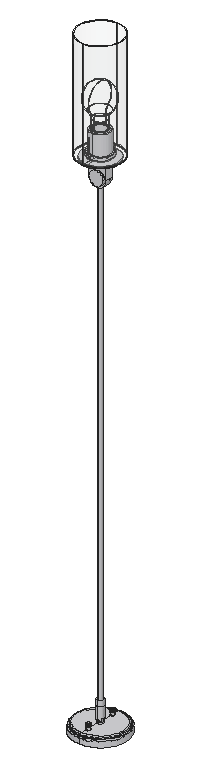
Revit family "Light_Fixture-Pendant-KOHLER-Crue-K-35876_1", category Lighting Fixtures, host Face, Revit 2021 (continued)
Definition of nested family "K-35876_Tube"
  Lines and regions (in)
    symbolic lines, detail levels medium+fine
      curve 274: arc (0, -1.23668, 1.2239) -> (0, -1.23808, 1.2399) -> (0, -1.24224, 1.25541) r 0.09212
      curve 275: arc (0, -1.24224, 1.25541) -> (0, -1.22509, 1.24363) -> (0, -1.21848, 1.2239) r 0.03277
      curve 276: arc (0, -1.21553, 1.2239) -> (0, -1.2176, 1.2396) -> (0, -1.22366, 1.25422) r 0.06064
      curve 277: arc (0, -1.20053, 1.2239) -> (0, -1.20697, 1.24297) -> (0, -1.22366, 1.25422) r 0.03144
      curve 278: arc (0, -1.20053, 1.2239) -> (0, -1.20276, 1.24083) -> (0, -1.20929, 1.2566) r 0.0654
      curve 279: arc (0, -1.18873, 1.22098) -> (0, -1.19297, 1.24228) -> (0, -1.20929, 1.2566) r 0.03379
      curve 280: arc (0, -1.36246, 1.1267) -> (0, -1.36658, 1.1102) -> (0, -1.37795, 1.09756) r 0.03514
      curve 281: arc (0, -1.35841, 1.1267) -> (0, -1.35524, 1.1104) -> (0, -1.3462, 1.09647) r 0.04351
      curve 282: arc (0, -1.32939, 1.1267) -> (0, -1.33388, 1.1094) -> (0, -1.3462, 1.09647) r 0.03558
      curve 283: arc (0, -1.32423, 1.1267) -> (0, -1.32207, 1.11029) -> (0, -1.31574, 1.095) r 0.06339
      curve 284: arc (0, -1.29619, 1.1267) -> (0, -1.30147, 1.10808) -> (0, -1.31574, 1.095) r 0.03547
      curve 285: arc (0, -1.293, 1.1267) -> (0, -1.29158, 1.11051) -> (0, -1.28738, 1.09483) r 0.09318
      curve 286: arc (0, -1.26693, 1.1267) -> (0, -1.27248, 1.10776) -> (0, -1.28738, 1.09483) r 0.03506
      curve 287: arc (0, -1.24135, 1.1267) -> (0, -1.24713, 1.10891) -> (0, -1.26226, 1.09792) r 0.03025
      curve 288: arc (0, -1.23668, 1.1267) -> (0, -1.23808, 1.1107) -> (0, -1.24224, 1.09519) r 0.09212
      curve 289: arc (0, -1.24224, 1.09519) -> (0, -1.22509, 1.10697) -> (0, -1.21848, 1.1267) r 0.03277
      curve 290: arc (0, -1.21553, 1.1267) -> (0, -1.2176, 1.111) -> (0, -1.22366, 1.09637) r 0.06064
      curve 291: arc (0, -1.20053, 1.1267) -> (0, -1.20697, 1.10763) -> (0, -1.22366, 1.09637) r 0.03144
      curve 292: arc (0, -1.20053, 1.1267) -> (0, -1.20276, 1.10977) -> (0, -1.20929, 1.09399) r 0.0654
      curve 293: arc (0, -1.18873, 1.12962) -> (0, -1.19297, 1.10831) -> (0, -1.20929, 1.09399) r 0.03379
      curve 294: line (0, 0.18701, 0.93946) -> (0, -0.1866, 0.93946)
  Dimensions and locks (in)
    plane 6 to plane 5 = 4.72441"
    plane 7 to plane 8 = 4.72441"
    plane 9 to level = 0.7874"  (x2)
    plane 10 to level = 2.67717"  (x2)
    "Tube Height": plane 12 to level
    aligned and locked: level to plane 2
    aligned and locked: plane 12 to Revolve 5 sketch curve
    aligned and locked: Masking region 1 sketch curve to Masking region 1 sketch curve
    aligned and locked: Revolve 5 to Masking region 1 sketch curve
  Automatic sketch dimensions
    curve 115 to plane 6 = 0"
    curve 119 to plane 9 = 0"
    curve 238 to plane 17 = 0"
    curve 266 to plane 17 = 0"
    curve 118 to plane 9 = 0"
    curve 123 to plane 10 = 0"
    curve 117 to plane 9 = 0"
    curve 154 to plane 16 = 0"
    curve 140 to plane 16 = 0"
    curve 115 to plane 5 = 0"
    curve 223 to plane 17 = 0.18922"
    curve 237 to curve 229 = 0.01109"
    curve 223 to curve 243 = 0.01109"
    curve 243 to curve 222 = 0.00072"
    curve 222 to curve 221 = 0.015"
    curve 221 to curve 220 = 0.00295"
    curve 220 to curve 237 = 0.00374"
    curve 220 to curve 251 = 0.00374"
    curve 251 to curve 249 = 0.00975"
    curve 237 to curve 235 = 0.00975"
    curve 249 to curve 219 = 0.00471"
    curve 219 to curve 218 = 0.00467"
    curve 218 to curve 247 = 0.0099"
    curve 218 to curve 233 = 0.0099"
    curve 247 to curve 241 = 0.00958"
    curve 233 to curve 227 = 0.00958"
    curve 227 to curve 217 = 0.00142"
    curve 241 to curve 250 = 0.0051"
    curve 227 to curve 236 = 0.0051"
    curve 250 to curve 216 = 0.00099"
    curve 216 to curve 245 = 0.00468"
    curve 216 to curve 231 = 0.00468"
    curve 231 to curve 234 = 0.00457"
    curve 245 to curve 248 = 0.00457"
    curve 248 to curve 215 = 0.01682"
    curve 215 to curve 214 = 0.0032"
    curve 214 to curve 244 = 0.0058"
    curve 214 to curve 230 = 0.0058"
    curve 244 to curve 239 = 0.01291"
    curve 230 to curve 225 = 0.01291"
    curve 239 to curve 213 = 0.00933"
    curve 213 to curve 246 = 0.00457"
    curve 213 to curve 232 = 0.00457"
    curve 246 to curve 212 = 0.00059"
    curve 212 to curve 242 = 0.00228"
    curve 226 to curve 228 = 0.00228"
    curve 280 to plane 17 = 0.01965"
    curve 266 to plane 17 = 0.01965"
    curve 266 to curve 211 = 0.00011"
    curve 211 to curve 210 = 0.00405"
    curve 210 to curve 240 = 0.00251"
    curve 210 to curve 226 = 0.00251"
    plane 17 to curve 268 = 0.01298"
    plane 17 to curve 282 = 0.01298"
    curve 268 to curve 252 = 0.00251"
    curve 266 to curve 253 = 0.00405"
    curve 253 to curve 224 = 0.00011"
    curve 281 to curve 238 = 0.00011"
    curve 224 to curve 270 = 0.02664"
    curve 238 to curve 284 = 0.02664"
    curve 284 to curve 254 = 0.00228"
    curve 254 to curve 274 = 0.00059"
    curve 282 to curve 288 = 0.00059"
    curve 288 to curve 255 = 0.00457"
    curve 283 to curve 281 = 0.00933"
    curve 269 to curve 267 = 0.00933"
    curve 281 to curve 286 = 0.01291"
    curve 267 to curve 272 = 0.01291"
    curve 286 to curve 256 = 0.0058"
    curve 256 to curve 257 = 0.0032"
    curve 257 to curve 276 = 0.01682"
    curve 285 to curve 290 = 0.01682"
    curve 290 to curve 287 = 0.00457"
    curve 276 to curve 273 = 0.00457"
    curve 273 to curve 258 = 0.00468"
    curve 258 to curve 278 = 0.00099"
    curve 286 to curve 292 = 0.00099"
    curve 292 to curve 259 = 0.00368"
    curve 278 to curve 269 = 0.0051"
    curve 292 to curve 283 = 0.0051"
    curve 283 to curve 289 = 0.00958"
    curve 269 to curve 275 = 0.00958"
    curve 275 to curve 260 = 0.0099"
    curve 260 to curve 261 = 0.00467"
    curve 261 to curve 277 = 0.00471"
    curve 288 to curve 291 = 0.00471"
    curve 277 to curve 279 = 0.00975"
    curve 291 to curve 293 = 0.00975"
    curve 293 to curve 262 = 0.00374"
    curve 289 to curve 263 = 0.00295"
    curve 263 to curve 264 = 0.015"
    curve 264 to curve 271 = 0.00072"
    curve 292 to curve 285 = 0.00072"
    curve 285 to curve 265 = 0.01109"
    plane 16 to curve 181 = 0.18922"
    curve 209 to curve 201 = 0.01109"
    curve 181 to curve 187 = 0.01109"
    curve 187 to curve 180 = 0.00072"
    curve 180 to curve 179 = 0.015"
    curve 179 to curve 178 = 0.00295"
    curve 178 to curve 195 = 0.00374"
    curve 178 to curve 209 = 0.00374"
    curve 195 to curve 193 = 0.00975"
    curve 209 to curve 207 = 0.00975"
    curve 193 to curve 177 = 0.00471"
    curve 177 to curve 176 = 0.00467"
    curve 189 to curve 191 = 0.0099"
    curve 176 to curve 205 = 0.0099"
    curve 191 to curve 185 = 0.00958"
    curve 205 to curve 199 = 0.00958"
    curve 199 to curve 175 = 0.00142"
    curve 185 to curve 194 = 0.0051"
    curve 199 to curve 208 = 0.0051"
    curve 208 to curve 174 = 0.00099"
    curve 174 to curve 189 = 0.00468"
    curve 174 to curve 203 = 0.00468"
    curve 189 to curve 192 = 0.00457"
    curve 203 to curve 206 = 0.00457"
    curve 192 to curve 173 = 0.01682"
    curve 173 to curve 172 = 0.0032"
    curve 172 to curve 188 = 0.0058"
    curve 172 to curve 202 = 0.0058"
    curve 202 to curve 197 = 0.01291"
    curve 188 to curve 183 = 0.01291"
    curve 183 to curve 171 = 0.00933"
    curve 171 to curve 204 = 0.00457"
    curve 171 to curve 190 = 0.00457"
    curve 204 to curve 170 = 0.00059"
    curve 170 to curve 186 = 0.00228"
    curve 170 to curve 200 = 0.00228"
    plane 16 to curve 140 = 0.01965"
    plane 16 to curve 154 = 0.01965"
    curve 140 to curve 169 = 0.00011"
    curve 169 to curve 168 = 0.00405"
    curve 168 to curve 198 = 0.00251"
    curve 168 to curve 184 = 0.00251"
    curve 142 to plane 16 = 0.01298"
    curve 156 to plane 16 = 0.01298"
    curve 142 to curve 126 = 0.00251"
    curve 154 to curve 127 = 0.00405"
    curve 155 to curve 196 = 0.00011"
    curve 127 to curve 182 = 0.00011"
    curve 182 to curve 144 = 0.02664"
    curve 196 to curve 158 = 0.02664"
    curve 144 to curve 128 = 0.00228"
    curve 156 to curve 162 = 0.00059"
    curve 128 to curve 148 = 0.00059"
    curve 162 to curve 129 = 0.00457"
    curve 129 to curve 141 = 0.00933"
    curve 157 to curve 155 = 0.00933"
    curve 155 to curve 160 = 0.01291"
    curve 141 to curve 146 = 0.01291"
    curve 146 to curve 130 = 0.0058"
    curve 158 to curve 131 = 0.0032"
    curve 159 to curve 164 = 0.01682"
    curve 145 to curve 150 = 0.01682"
    curve 164 to curve 161 = 0.00457"
    curve 150 to curve 147 = 0.00457"
    curve 161 to curve 132 = 0.00468"
    curve 160 to curve 166 = 0.00099"
    curve 132 to curve 152 = 0.00099"
    curve 152 to curve 133 = 0.00368"
    curve 166 to curve 157 = 0.0051"
    curve 152 to curve 143 = 0.0051"
    curve 143 to curve 149 = 0.00958"
    curve 157 to curve 163 = 0.00958"
    curve 163 to curve 134 = 0.0099"
    curve 134 to curve 135 = 0.00467"
    curve 162 to curve 165 = 0.00471"
    curve 135 to curve 151 = 0.00471"
    curve 151 to curve 153 = 0.00975"
    curve 165 to curve 167 = 0.00975"
    curve 167 to curve 136 = 0.00374"
    curve 163 to curve 137 = 0.00295"
    curve 137 to curve 138 = 0.015"
    curve 165 to curve 159 = 0.00072"
    curve 138 to curve 145 = 0.00072"
    curve 145 to curve 139 = 0.01109"
    plane 9 to curve 175 = 0.31052"
    plane 9 to curve 217 = 0.31052"
    curve 259 to curve 245 = 0.02877"
    curve 133 to curve 203 = 0.02877"
    curve 209 to curve 203 = 0.00149"
    curve 293 to curve 287 = 0.00149"
    curve 167 to curve 161 = 0.00149"
    curve 251 to curve 245 = 0.00149"
    curve 255 to curve 287 = 0"
    curve 254 to curve 255 = 0"  (x2)
    curve 282 to curve 253 = 0"
    curve 282 to curve 252 = 0"
    curve 167 to curve 137 = 0.00149"
    curve 281 to curve 256 = 0"
    curve 136 to curve 137 = 0"
    curve 250 to curve 245 = 0"
    curve 284 to curve 257 = 0"
    curve 203 to curve 154 = 0"
    curve 287 to curve 258 = 0"
    curve 155 to curve 164 = 0"
    curve 156 to curve 126 = 0"
    curve 287 to curve 261 = 0"
    curve 157 to curve 163 = 0"
    curve 283 to curve 289 = 0"
    curve 158 to curve 128 = 0"
    curve 161 to curve 135 = 0"
    curve 164 to curve 159 = 0"
    curve 160 to curve 130 = 0"
    curve 289 to curve 263 = 0"
    curve 264 to curve 285 = 0"
    curve 160 to curve 166 = 0"
    curve 154 to curve 169 = 0"
    curve 197 to curve 171 = 0"
    curve 245 to curve 248 = 0"
    curve 172 to curve 197 = 0"
    curve 173 to curve 200 = 0"
    curve 174 to curve 203 = 0"
    curve 218 to curve 247 = 0"
    curve 246 to curve 280 = 0"
    curve 177 to curve 203 = 0"
    curve 209 to curve 178 = 0.00149"
    curve 179 to curve 205 = 0"
    curve 201 to curve 180 = 0"
    curve 248 to curve 244 = 0"
    curve 243 to curve 249 = 0"
    curve 246 to curve 242 = 0"
    curve 241 to curve 250 = 0"
    curve 210 to curve 240 = 0"
    curve 239 to curve 241 = 0"
    curve 168 to curve 198 = 0"
    curve 201 to curve 181 = 0.00292"
    curve 285 to curve 265 = 0.00292"
    curve 159 to curve 139 = 0.00292"
    curve 243 to curve 223 = 0.00292"
    curve 181 to curve 181 = 0.09136"
    curve 265 to curve 265 = 0.09136"
    curve 139 to curve 139 = 0.09136"
    curve 223 to curve 223 = 0.09136"
    curve 240 to curve 212 = 0.0972"
    curve 131 to curve 131 = 0.0972"
    curve 213 to curve 212 = 0"
    curve 214 to curve 227 = 0"
    curve 181 to curve 191 = 0.00292"
    curve 215 to curve 214 = 0"
    curve 145 to curve 132 = 0"
    curve 227 to curve 216 = 0"
    curve 132 to curve 134 = 0"
    curve 191 to curve 190 = 0"
    curve 218 to curve 227 = 0"
    curve 134 to curve 135 = 0"
    curve 219 to curve 218 = 0"
    curve 220 to curve 219 = 0"
    curve 191 to curve 189 = 0"
    curve 135 to curve 136 = 0"
    curve 221 to curve 233 = 0"
    curve 229 to curve 222 = 0"
    curve 189 to curve 192 = 0"
    curve 194 to curve 189 = 0"
    curve 226 to curve 224 = 0"
    curve 149 to curve 137 = 0"
    curve 225 to curve 227 = 0"
    curve 138 to curve 145 = 0"
    curve 190 to curve 140 = 0"
    curve 141 to curve 146 = 0"
    curve 142 to curve 126 = 0"
    curve 152 to curve 143 = 0"
    curve 144 to curve 142 = 0"
    curve 192 to curve 188 = 0"
    curve 187 to curve 180 = 0"
    curve 190 to curve 186 = 0"
    curve 185 to curve 194 = 0"
    curve 168 to curve 184 = 0"
    curve 183 to curve 185 = 0"
    curve 265 to curve 278 = 0.00292"
    curve 253 to curve 224 = 0"
    curve 254 to curve 267 = 0"
    curve 276 to curve 278 = 0"
    curve 267 to curve 256 = 0"
    curve 256 to curve 257 = 0"
    curve 258 to curve 278 = 0"
    curve 269 to curve 275 = 0"
    curve 260 to curve 277 = 0"
    curve 260 to curve 261 = 0"
    curve 149 to curve 153 = 0.00149"
    curve 178 to curve 195 = 0.00149"
    curve 220 to curve 237 = 0.00149"
    curve 275 to curve 279 = 0.00149"
    curve 114 to plane 6 = 0.05906"
    curve 116 to plane 9 = 0.05906"
    curve 116 to plane 15 = 0.19551"
    curve 119 to plane 17 = 0.15965"
    curve 119 to curve 122 = 0.00973"
    plane 17 to curve 119 = 0.13492"
    curve 119 to curve 122 = 0.01647"
    plane 1 "Light Source Axis (F/B)" to curve 125 = 0.25618"
    curve 124 to curve 125 = 0"
    plane 1 "Light Source Axis (F/B)" to curve 118 = 0.23622"
    curve 118 to curve 120 = 0.04921"
    curve 120 to curve 294 = 0.00041"
    plane 1 "Light Source Axis (F/B)" to curve 123 = 0.18403"
    curve 123 to plane 1 "Light Source Axis (F/B)" = 0.18403"
    curve 294 to plane 1 "Light Source Axis (F/B)" = 0.18701"
    plane 9 to curve 120 = 0.03937"
    curve 120 to curve 294 = 0"
    curve 120 to curve 118 = 0.04921"
    curve 124 to plane 1 "Light Source Axis (F/B)" = 0.24606"
    curve 124 to curve 125 = 0.01005"
    plane 16 to curve 117 = 0.18395"
    curve 117 to curve 121 = 0.03255"
    curve 117 to plane 16 = 0.13492"
    curve 117 to curve 121 = 0.01647"
    curve 116 to plane 14 = 0.19551"
    curve 114 to plane 5 = 0.05906"
    curve 114 to curve 116 = 0.1378"
    curve 115 to curve 114 = 0.05906"
    plane 9 to curve 122 = 0.02286"
    plane 9 to curve 121 = 0.02286"
    curve 120 to curve 294 = 0.11269"
    curve 125 to plane 10 = 0.47244"
    curve 125 to curve 124 = 0.03183"
    curve 15 to curve 68 = 0"  (x2)
    curve 2 to plane 7 = 0"
    curve 20 to plane 10 = 0"
    curve 4 to plane 9 = 0"
    curve 111 to plane 3 "Light Source Axis (L/R)" = 0"
    curve 90 to plane 3 "Light Source Axis (L/R)" = 0"
    plane 8 to curve 2 = 0"
    plane 9 to curve 8 = 0.13388"
    curve 8 to plane 3 "Light Source Axis (L/R)" = 0.4944"
    curve 7 to plane 3 "Light Source Axis (L/R)" = 0.19625"
    curve 26 to curve 23 = 0.0099"
    curve 10 to curve 10 = 0.01575"
    curve 23 to curve 40 = 0.01259"
    curve 40 to curve 24 = 0.00308"
    curve 24 to curve 11 = 0.00748"
    curve 24 to curve 26 = 0.00949"
    curve 11 to curve 25 = 0.00834"
    plane 9 to curve 113 = 0.01699"
    curve 113 to plane 3 "Light Source Axis (L/R)" = 0.15195"
    curve 30 to curve 41 = 0.00308"
    curve 41 to curve 27 = 0.00758"
    curve 41 to curve 31 = 0.00758"
    curve 27 to curve 42 = 0.00379"
    curve 9 to curve 9 = 0.01219"
    curve 42 to curve 35 = 0.00121"
    curve 35 to curve 33 = 0.00039"
    curve 37 to curve 29 = 0.00039"
    curve 29 to curve 47 = 0.00606"
    curve 47 to curve 32 = 0.01666"
    curve 56 to curve 28 = 0.01666"
    curve 28 to curve 46 = 0.00133"
    curve 32 to curve 38 = 0.00643"
    curve 28 to curve 36 = 0.00643"
    curve 38 to curve 50 = 0.00119"
    curve 49 to curve 56 = 0.0056"
    curve 61 to curve 60 = 0.0056"
    curve 60 to curve 63 = 0.0088"
    curve 56 to curve 44 = 0.0088"
    curve 63 to curve 48 = 0.00414"
    curve 63 to curve 51 = 0.0084"
    curve 45 to curve 37 = 0.00413"
    curve 62 to curve 39 = 0.00413"
    curve 39 to curve 61 = 0.00289"
    curve 37 to curve 49 = 0.00289"
    curve 61 to curve 34 = 0.00088"
    curve 49 to curve 30 = 0.00088"
    curve 30 to curve 45 = 0.01902"
    curve 61 to curve 62 = 0.0199"
    curve 48 to curve 59 = 0.03145"
    curve 45 to curve 52 = 0.00349"
    curve 44 to curve 58 = 0.00101"
    curve 52 to curve 64 = 0.00101"
    curve 64 to curve 53 = 0.00182"
    curve 65 to curve 111 = 0.01544"
    curve 57 to plane 3 "Light Source Axis (L/R)" = 0.02432"
    curve 57 to curve 90 = 0.0017"
    curve 111 to curve 54 = 0.01724"
    curve 54 to curve 55 = 0.00401"
    curve 66 to curve 65 = 0.0059"
    plane 3 "Light Source Axis (L/R)" to curve 110 = 0.00985"
    curve 110 to curve 102 = 0.0059"
    curve 102 to curve 101 = 0.00401"
    curve 101 to curve 112 = 0.00053"
    curve 112 to curve 43 = 0.00233"
    curve 101 to curve 66 = 0.01724"
    curve 66 to curve 100 = 0.01544"
    curve 110 to curve 109 = 0.00182"
    curve 100 to curve 104 = 0.00182"
    curve 109 to curve 99 = 0.00101"
    curve 108 to curve 107 = 0.00349"
    curve 99 to curve 92 = 0.00349"
    curve 107 to curve 81 = 0.01902"
    curve 92 to curve 77 = 0.01902"
    curve 81 to curve 106 = 0.00088"
    curve 77 to curve 96 = 0.00088"
    curve 106 to curve 86 = 0.00289"
    curve 96 to curve 84 = 0.00289"
    curve 84 to curve 98 = 0.00413"
    curve 92 to curve 95 = 0.00426"
    curve 98 to curve 91 = 0.0084"
    curve 107 to curve 108 = 0.0084"
    curve 108 to curve 105 = 0.0088"
    curve 91 to curve 103 = 0.0088"
    curve 103 to curve 97 = 0.0056"
    curve 106 to curve 85 = 0.00119"
    curve 96 to curve 83 = 0.00119"
    curve 95 to curve 93 = 0.02483"
    curve 97 to curve 75 = 0.00762"
    curve 106 to curve 79 = 0.00762"
    curve 75 to curve 94 = 0.01666"
    curve 94 to curve 76 = 0.00606"
    curve 105 to curve 80 = 0.00606"
    curve 76 to curve 82 = 0.00039"
    plane 9 to curve 14 = 0.01283"
    plane 3 "Light Source Axis (L/R)" to curve 14 = 0.13975"
    curve 82 to curve 89 = 0.00121"
    curve 89 to curve 74 = 0.00379"
    curve 86 to curve 78 = 0.00501"
    curve 78 to curve 88 = 0.00758"
    curve 14 to curve 113 = 0.01219"
    curve 83 to curve 72 = 0.00308"
    curve 72 to curve 73 = 0.00632"
    curve 72 to curve 69 = 0.00834"
    curve 69 to curve 16 = 0.00154"
    curve 16 to curve 71 = 0.00594"
    curve 80 to curve 87 = 0.00308"
    curve 87 to curve 15 = 0.00674"
    curve 6 to curve 68 = 0"
    curve 87 to curve 70 = 0.01259"
    curve 70 to curve 67 = 0.0099"
    plane 9 to curve 13 = 0.13388"
    curve 93 to curve 69 = 0.04082"
    curve 46 to curve 105 = 0.02741"
    curve 46 to curve 48 = 0.00144"
    curve 93 to curve 95 = 0.00144"
    curve 95 to curve 107 = 0.01617"
    curve 48 to curve 62 = 0.01617"
    curve 107 to curve 99 = 0.00361"
    curve 62 to curve 52 = 0.00361"
    curve 98 to curve 105 = 0.00581"
    curve 51 to curve 60 = 0.00581"
    curve 52 to curve 54 = 0.0004"
    curve 99 to curve 101 = 0.0004"
    curve 51 to curve 63 = 0.00011"
    curve 107 to curve 108 = 0.00011"
    curve 54 to curve 65 = 0.00579"
    curve 101 to curve 110 = 0.00579"
    curve 47 to curve 60 = 0"
    curve 98 to curve 106 = 0.00757"
    curve 62 to curve 61 = 0.00757"
    curve 65 to curve 111 = 0.0029"
    curve 60 to curve 40 = 0.00369"
    curve 60 to curve 41 = 0.00369"
    curve 105 to curve 80 = 0.00369"
    curve 106 to curve 81 = 0.00193"
    curve 79 to curve 106 = 0.00085"
    curve 23 to curve 32 = 0"
    curve 61 to curve 39 = 0.00193"
    curve 82 to curve 80 = 0"
    curve 13 to curve 70 = 0.00793"
    curve 88 to curve 72 = 0"
    curve 24 to curve 40 = 0"
    curve 25 to curve 38 = 0"
    curve 33 to curve 35 = 0"
    curve 86 to curve 78 = 0.00716"
    curve 61 to curve 38 = 0.00631"
    curve 39 to curve 31 = 0.00716"
    curve 106 to curve 85 = 0.00631"
    curve 24 to curve 11 = 0.00971"
    curve 11 to curve 27 = 0.08026"
    curve 36 to curve 27 = 0"
    curve 85 to curve 83 = 0.08281"
    curve 74 to curve 83 = 0"
    curve 74 to curve 73 = 0.00476"
    curve 27 to curve 26 = 0.00476"
    curve 36 to curve 90 = 0.00553"
    curve 43 to curve 90 = 0"
    curve 36 to curve 50 = 0.00634"
    curve 83 to curve 97 = 0.00634"
    curve 90 to curve 55 = 0.0014"
    curve 49 to curve 37 = 0.00082"
    curve 26 to curve 24 = 0.0024"
    curve 23 to curve 29 = 0"
    curve 26 to curve 25 = 0.0024"
    curve 73 to curve 87 = 0.0024"
    curve 73 to curve 88 = 0.0024"
    curve 50 to curve 28 = 0.00082"
    curve 70 to curve 87 = 0"
    curve 71 to curve 75 = 0"
    curve 96 to curve 84 = 0.00082"
    curve 72 to curve 83 = 0"
    curve 82 to curve 76 = 0"
    curve 41 to curve 30 = 0"
    curve 37 to curve 44 = 0.00073"
    curve 84 to curve 91 = 0.00073"
    curve 77 to curve 104 = 0.00081"
    curve 112 to curve 101 = 0"
    curve 90 to curve 54 = 0.00244"
    curve 49 to curve 56 = 0.00164"
    curve 97 to curve 103 = 0.00164"
    curve 90 to curve 57 = 0.00244"
    curve 84 to curve 98 = 0.00083"
    curve 37 to curve 51 = 0.00083"
    curve 58 to curve 52 = 0.0004"
    curve 104 to curve 99 = 0.0004"
    curve 77 to curve 96 = 0.00196"
    curve 30 to curve 49 = 0.00196"
    curve 99 to curve 92 = 0.00361"
    curve 52 to curve 45 = 0.00361"
    curve 89 to curve 15 = 0.01748"
    curve 45 to curve 59 = 0.01702"
    plane 7 to curve 1 = 0.05906"
    curve 3 to plane 9 = 0.05906"
    curve 1 to curve 3 = 0.13872"
    curve 22 to plane 3 "Light Source Axis (L/R)" = 0.24606"
    curve 21 to curve 22 = 0"  (x2)
    curve 20 to plane 3 "Light Source Axis (L/R)" = 0.23965"
    curve 4 to curve 9 = 0.08427"
    curve 5 to curve 8 = 0.03509"
    curve 5 to curve 18 = 0.00003"
    curve 10 to curve 26 = 0.00506"
    curve 8 to curve 5 = 0.00688"
    curve 18 to curve 18 = 0.05386"
    curve 59 to curve 57 = 0"
    plane 3 "Light Source Axis (L/R)" to curve 19 = 0.13315"
    curve 17 to curve 113 = 0.00688"
    curve 73 to curve 15 = 0.00506"
    curve 19 to curve 19 = 0.0539"
    curve 113 to curve 17 = 0.03509"
    curve 17 to curve 4 = 0.04918"
    plane 3 "Light Source Axis (L/R)" to curve 20 = 0.23965"
    plane 3 "Light Source Axis (L/R)" to curve 22 = 0.25861"
    plane 8 to curve 3 = 0.19777"
    plane 8 to curve 1 = 0.05906"
    curve 1 to curve 3 = 0.13756"
    curve 2 to curve 1 = 0.05906"
    curve 22 to plane 10 = 0.47244"
    curve 22 to curve 21 = 0.0315"
    Revolve 1 sketch curve to level = 0"
    Revolve 1 sketch curve to plane 1 "Light Source Axis (F/B)" = 0"  (x3)
    Revolve 1 sketch curve to plane 9 = 0"
    Revolve 1 sketch curve to plane 10 = 0"
    Revolve 1 sketch curve to plane 5 = 0"
    Revolve 1 sketch curve to plane 1 "Light Source Axis (F/B)" = 0.14991"
    Revolve 1 sketch curve to Revolve 1 sketch curve = 0.18701"
    Revolve 1 sketch curve to Revolve 1 sketch curve = 0.0371"
    Revolve 1 sketch curve to Revolve 1 sketch curve = 0.04921"
    Revolve 1 sketch curve to plane 1 "Light Source Axis (F/B)" = 0.24606"
    Revolve 1 sketch curve to Revolve 1 sketch curve = 0.14537"
    Revolve 1 sketch curve to plane 1 "Light Source Axis (F/B)" = 0.29528"
    Revolve 1 sketch curve to plane 9 = 0.05906"
    Revolve 1 sketch curve to plane 14 = 0.1378"
    Revolve 1 sketch curve to Revolve 1 sketch curve = 0.03937"
    Revolve 1 sketch curve to plane 5 = 0.05906"
    Revolve 1 sketch curve to Revolve 1 sketch curve = 0.19685"
    plane 9 to Revolve 1 sketch curve = 0.15464"
    Revolve 1 sketch curve to plane 10 = 0.47244"
    Revolve 1 sketch curve to Revolve 1 sketch curve = 0.0315"
    Revolve 1 sketch curve to level = 0.17798"
    Revolve 1 sketch curve to Revolve 1 sketch curve = 0.69163"
    Revolve 2 sketch curve to plane 9 = 0"
    Revolve 2 sketch curve to plane 16 = 0"  (x2)
    Revolve 2 sketch curve to Revolve 2 sketch curve = 0.134"
    Revolve 2 sketch curve to Revolve 2 sketch curve = 0.19631"
    plane 14 to Revolve 2 sketch curve = 0.10934"
    plane 9 to Revolve 2 sketch curve = 0.01728"
    plane 9 to Revolve 2 sketch curve = 0.13773"
    Revolve 2 sketch curve to Revolve 2 sketch curve = 0.31848"
    Revolve 2 sketch curve to Revolve 2 sketch curve = 0.1305"
    Revolve 2 sketch curve to Revolve 2 sketch curve = 27/256"
    Revolve 2 sketch curve to Revolve 2 sketch curve = 0.08269"
    Extrusion 3 sketch curve to plane 9 = 0"
    plane 1 "Light Source Axis (F/B)" to Extrusion 3 sketch curve = 0.18701"
    Extrusion 3 sketch curve to plane 1 "Light Source Axis (F/B)" = 0.18701"
    plane 9 to Extrusion 3 sketch curve = 0.4696"
    Revolve 4 sketch curve to plane 1 "Light Source Axis (F/B)" = 0"  (x2)
    Revolve 4 sketch curve to plane 9 = 0"
    plane 9 to Revolve 4 sketch curve = 0.03937"
    Revolve 4 sketch curve to plane 1 "Light Source Axis (F/B)" = 0.18701"
    Revolve 4 sketch curve to Revolve 4 sketch curve = 0.04921"
    Revolve 4 sketch curve to Revolve 4 sketch curve = 0.43023"
    Revolve 4 sketch curve to Revolve 4 sketch curve = 0.04544"
    Revolve 4 sketch curve to Revolve 4 sketch curve = 0.03475"
    Revolve 5 sketch curve to plane 1 "Light Source Axis (F/B)" = 0"  (x2)
    Revolve 5 sketch curve to plane 10 = 0"
    Revolve 5 sketch curve to plane 1 "Light Source Axis (F/B)" = 0.18403"
    Revolve 5 sketch curve to plane 10 = 27/256"
    Revolve 5 sketch curve to Revolve 5 sketch curve = 0.05113"
    Masking region 1 sketch curve to level = 0"
    Masking region 1 sketch curve to plane 7 = 0"
    Masking region 1 sketch curve to plane 9 = 0"  (x2)
    Masking region 1 sketch curve to plane 10 = 0"  (x2)
    Masking region 1 sketch curve to plane 3 "Light Source Axis (L/R)" = 0"  (x2)
    plane 8 to Masking region 1 sketch curve = 0"
    plane 7 to Masking region 1 sketch curve = 0.05906"
    Masking region 1 sketch curve to Masking region 1 sketch curve = 0.09935"
    Masking region 1 sketch curve to Masking region 1 sketch curve = 0.03937"  (x2)
    Masking region 1 sketch curve to Masking region 1 sketch curve = 0.05906"
    Masking region 1 sketch curve to plane 3 "Light Source Axis (L/R)" = 0.29528"  (x2)
    Masking region 1 sketch curve to Masking region 1 sketch curve = 0.04921"
    plane 9 to Masking region 1 sketch curve = 0.03952"  (x2)
    Masking region 1 sketch curve to plane 3 "Light Source Axis (L/R)" = 0.23639"
    Masking region 1 sketch curve to Masking region 1 sketch curve = 0.04935"  (x2)
    Masking region 1 sketch curve to plane 3 "Light Source Axis (L/R)" = 0.18403"
    Masking region 1 sketch curve to Masking region 1 sketch curve = 0.03764"
    plane 3 "Light Source Axis (L/R)" to Masking region 1 sketch curve = 0.1494"
    plane 3 "Light Source Axis (L/R)" to Masking region 1 sketch curve = 0.18403"
    plane 3 "Light Source Axis (L/R)" to Masking region 1 sketch curve = 0.18704"
    plane 3 "Light Source Axis (L/R)" to Masking region 1 sketch curve = 0.24606"
    Masking region 1 sketch curve to Masking region 1 sketch curve = 0.11124"
    Masking region 1 sketch curve to Masking region 1 sketch curve = 0.14588"
    Masking region 1 sketch curve to plane 9 = 0.05906"
    plane 8 to Masking region 1 sketch curve = 0.25683"
    plane 8 to Masking region 1 sketch curve = 0.05906"
    Masking region 1 sketch curve to Masking region 1 sketch curve = 0.19661"  (x2)
    Masking region 1 sketch curve to Masking region 1 sketch curve = 0.11511"  (x2)
    Masking region 1 sketch curve to plane 10 = 0.47244"  (x2)
    Masking region 1 sketch curve to Masking region 1 sketch curve = 0.0315"  (x2)
    Masking region 2 sketch curve to plane 6 = 0"
    Masking region 2 sketch curve to plane 9 = 0"  (x4)
    Masking region 2 sketch curve to plane 17 = 0"
    Masking region 2 sketch curve to plane 10 = 0"  (x2)
    Masking region 2 sketch curve to plane 12 = 0"
    Masking region 2 sketch curve to level = 0"
    Masking region 2 sketch curve to plane 1 "Light Source Axis (F/B)" = 0"  (x2)
    Masking region 2 sketch curve to plane 16 = 0"
    Masking region 2 sketch curve to plane 5 = 0"
    Masking region 2 sketch curve to Masking region 2 sketch curve = 0.05906"  (x3)
    Masking region 2 sketch curve to Masking region 2 sketch curve = 0.09977"
    Masking region 2 sketch curve to Masking region 2 sketch curve = 0.03937"  (x2)
    plane 15 to Masking region 2 sketch curve = 0.09198"
    Masking region 2 sketch curve to plane 17 = 0.19703"
    Masking region 2 sketch curve to Masking region 2 sketch curve = 0.03172"  (x4)
    Masking region 2 sketch curve to plane 17 = 0.13492"
    Masking region 2 sketch curve to Masking region 2 sketch curve = 0.00015"  (x4)
    plane 9 to Masking region 2 sketch curve = 0.01748"  (x4)
    plane 17 to Masking region 2 sketch curve = 0.13477"
    plane 17 to Masking region 2 sketch curve = 0.16531"
    plane 9 to Masking region 2 sketch curve = 0.13528"  (x4)
    Masking region 2 sketch curve to Masking region 2 sketch curve = 0.30154"
    plane 1 "Light Source Axis (F/B)" to Masking region 2 sketch curve = 0.29528"
    Masking region 2 sketch curve to Masking region 2 sketch curve = 0"  (x2)
    Masking region 2 sketch curve to Masking region 2 sketch curve = 0.04921"  (x3)
    plane 9 to Masking region 2 sketch curve = 0.03937"  (x2)
    plane 1 "Light Source Axis (F/B)" to Masking region 2 sketch curve = 0.23622"
    Masking region 2 sketch curve to Masking region 2 sketch curve = 0.11124"  (x2)
    plane 1 "Light Source Axis (F/B)" to Masking region 2 sketch curve = 0.14297"
    Masking region 2 sketch curve to plane 1 "Light Source Axis (F/B)" = 0.13759"
    Masking region 2 sketch curve to Masking region 2 sketch curve = 0.18403"
    Masking region 2 sketch curve to plane 1 "Light Source Axis (F/B)" = 0.18701"
    Masking region 2 sketch curve to plane 1 "Light Source Axis (F/B)" = 0.24606"
    plane 16 to Masking region 2 sketch curve = 0.49857"
    plane 16 to Masking region 2 sketch curve = 0.19703"
    plane 16 to Masking region 2 sketch curve = 0.13492"
    Masking region 2 sketch curve to plane 16 = 0.13477"
    Masking region 2 sketch curve to plane 16 = 0.16531"
    plane 14 to Masking region 2 sketch curve = 0.09198"
    Masking region 2 sketch curve to plane 9 = 0.05906"
    Masking region 2 sketch curve to plane 14 = 0.13646"
    Masking region 2 sketch curve to plane 9 = 0.25591"
    Masking region 2 sketch curve to Masking region 2 sketch curve = 0.19685"
    Masking region 2 sketch curve to Masking region 2 sketch curve = 0.11281"  (x2)
    Masking region 2 sketch curve to Masking region 2 sketch curve = 0.31793"  (x4)
    Masking region 2 sketch curve to Masking region 2 sketch curve = 0.10044"  (x2)
    Masking region 2 sketch curve to plane 10 = 0.47244"  (x2)
    Masking region 2 sketch curve to Masking region 2 sketch curve = 0.03183"  (x2)
    Revolve 6 sketch curve to level = 0"
    Revolve 6 sketch curve to plane 1 "Light Source Axis (F/B)" = 0"  (x2)
    Revolve 6 sketch curve to plane 9 = 0"
    Revolve 6 sketch curve to plane 10 = 0"
    Revolve 6 sketch curve to plane 5 = 0"
    Revolve 6 sketch curve to plane 1 "Light Source Axis (F/B)" = 0.29528"
    Revolve 6 sketch curve to level = 0.7874"
    Revolve 6 sketch curve to Revolve 6 sketch curve = 0.19685"
    Revolve 7 sketch curve to plane 16 = 0"  (x2)
    Revolve 7 sketch curve to plane 16 = 0.19685"
    Revolve 7 sketch curve to plane 9 = 0.03863"
    plane 9 to Revolve 7 sketch curve = 0.47296"
    Revolve 7 sketch curve to Revolve 7 sketch curve = 0.16279"
    Revolve 7 sketch curve to Revolve 7 sketch curve = 0.10577"
    Revolve 8 sketch curve to plane 17 = 0"  (x2)
    Revolve 8 sketch curve to plane 9 = 0"  (x2)
    Revolve 8 sketch curve to Revolve 8 sketch curve = 0.19685"
    plane 9 to Revolve 8 sketch curve = 0.47296"
    level to Revolve 8 sketch curve = 0.09305"
    Extrusion 9 sketch curve to plane 3 "Light Source Axis (L/R)" = 0"
    Extrusion 9 sketch curve to plane 3 "Light Source Axis (L/R)" = 0.01207"
    plane 3 "Light Source Axis (L/R)" to Extrusion 9 sketch curve = 0.01207"
    Extrusion 9 sketch curve to plane 16 = 0.16744"
    Extrusion 9 sketch curve to Extrusion 9 sketch curve = 0.0285"
    Extrusion 9 sketch curve to Extrusion 9 sketch curve = 0"
    Extrusion 9 sketch curve to Extrusion 9 sketch curve = 0.057"
    plane 3 "Light Source Axis (L/R)" to Extrusion 10 sketch curve = 0.0424"
    Extrusion 10 sketch curve to plane 16 = 0.19167"
    Extrusion 10 sketch curve to Extrusion 10 sketch curve = 0.01207"
    Extrusion 10 sketch curve to Extrusion 10 sketch curve = 0.02414"
    Extrusion 10 sketch curve to Extrusion 10 sketch curve = 0"
    Extrusion 10 sketch curve to Extrusion 10 sketch curve = 0.0285"
    Extrusion 10 sketch curve to Extrusion 10 sketch curve = 0.057"
    plane 3 "Light Source Axis (L/R)" to Extrusion 11 sketch curve = 0.08951"
    Extrusion 11 sketch curve to plane 16 = 0.17471"
    Extrusion 11 sketch curve to Extrusion 11 sketch curve = 0.01207"
    Extrusion 11 sketch curve to Extrusion 11 sketch curve = 0.02414"
    Extrusion 11 sketch curve to Extrusion 11 sketch curve = 0"
    Extrusion 11 sketch curve to Extrusion 11 sketch curve = 0.0285"
    Extrusion 11 sketch curve to Extrusion 11 sketch curve = 0.057"
    plane 3 "Light Source Axis (L/R)" to Extrusion 12 sketch curve = 0.1342"
    Extrusion 12 sketch curve to plane 16 = 0.14327"
    Extrusion 12 sketch curve to Extrusion 12 sketch curve = 0.01207"
    Extrusion 12 sketch curve to Extrusion 12 sketch curve = 0.02414"
    Extrusion 12 sketch curve to Extrusion 12 sketch curve = 0"
    Extrusion 12 sketch curve to Extrusion 12 sketch curve = 0.0285"
    Extrusion 12 sketch curve to Extrusion 12 sketch curve = 0.057"
    Extrusion 13 sketch curve to plane 16 = 0.10502"
    plane 3 "Light Source Axis (L/R)" to Extrusion 13 sketch curve = 0.16585"
    Extrusion 13 sketch curve to Extrusion 13 sketch curve = 0.01207"
    Extrusion 13 sketch curve to Extrusion 13 sketch curve = 0.02414"
    Extrusion 13 sketch curve to Extrusion 13 sketch curve = 0"
    Extrusion 13 sketch curve to Extrusion 13 sketch curve = 0.0285"
    Extrusion 13 sketch curve to Extrusion 13 sketch curve = 0.057"
    Extrusion 14 sketch curve to plane 16 = 0.05524"
    plane 3 "Light Source Axis (L/R)" to Extrusion 14 sketch curve = 0.18838"
    Extrusion 14 sketch curve to Extrusion 14 sketch curve = 0.01207"
    Extrusion 14 sketch curve to Extrusion 14 sketch curve = 0.02414"
    Extrusion 14 sketch curve to Extrusion 14 sketch curve = 0"
    Extrusion 14 sketch curve to Extrusion 14 sketch curve = 0.0285"
    Extrusion 14 sketch curve to Extrusion 14 sketch curve = 0.057"
    Extrusion 15 sketch curve to plane 16 = 0.00579"
    plane 3 "Light Source Axis (L/R)" to Extrusion 15 sketch curve = 0.19622"
    Extrusion 15 sketch curve to Extrusion 15 sketch curve = 0.01207"
    Extrusion 15 sketch curve to Extrusion 15 sketch curve = 0.02414"
    Extrusion 15 sketch curve to Extrusion 15 sketch curve = 0"
    Extrusion 15 sketch curve to Extrusion 15 sketch curve = 0.0285"
    Extrusion 15 sketch curve to Extrusion 15 sketch curve = 0.057"
    plane 16 to Extrusion 16 sketch curve = 0.04852"
    plane 3 "Light Source Axis (L/R)" to Extrusion 16 sketch curve = 0.19022"
    Extrusion 16 sketch curve to Extrusion 16 sketch curve = 0.01207"
    Extrusion 16 sketch curve to Extrusion 16 sketch curve = 0.02414"
    Extrusion 16 sketch curve to Extrusion 16 sketch curve = 0"
    Extrusion 16 sketch curve to Extrusion 16 sketch curve = 0.0285"
    Extrusion 16 sketch curve to Extrusion 16 sketch curve = 0.057"
    plane 16 to Extrusion 17 sketch curve = 0.10617"
    plane 3 "Light Source Axis (L/R)" to Extrusion 17 sketch curve = 0.16512"
    Extrusion 17 sketch curve to Extrusion 17 sketch curve = 0.01207"
    Extrusion 17 sketch curve to Extrusion 17 sketch curve = 0.02414"
    Extrusion 17 sketch curve to Extrusion 17 sketch curve = 0"
    Extrusion 17 sketch curve to Extrusion 17 sketch curve = 0.0285"
    Extrusion 17 sketch curve to Extrusion 17 sketch curve = 0.057"
    plane 3 "Light Source Axis (L/R)" to Extrusion 18 sketch curve = 0.12946"
    plane 16 to Extrusion 18 sketch curve = 0.14757"
    Extrusion 18 sketch curve to Extrusion 18 sketch curve = 0.01207"
    Extrusion 18 sketch curve to Extrusion 18 sketch curve = 0.02414"
    Extrusion 18 sketch curve to Extrusion 18 sketch curve = 0"
    Extrusion 18 sketch curve to Extrusion 18 sketch curve = 0.0285"
    Extrusion 18 sketch curve to Extrusion 18 sketch curve = 0.057"
    plane 3 "Light Source Axis (L/R)" to Extrusion 19 sketch curve = 0.08792"
    plane 16 to Extrusion 19 sketch curve = 0.17552"
    Extrusion 19 sketch curve to Extrusion 19 sketch curve = 0.01207"
    Extrusion 19 sketch curve to Extrusion 19 sketch curve = 0.02414"
    Extrusion 19 sketch curve to Extrusion 19 sketch curve = 0"
    Extrusion 19 sketch curve to Extrusion 19 sketch curve = 0.0285"
    Extrusion 19 sketch curve to Extrusion 19 sketch curve = 0.057"
    plane 3 "Light Source Axis (L/R)" to Extrusion 20 sketch curve = 0.03613"
    plane 16 to Extrusion 20 sketch curve = 0.19296"
    Extrusion 20 sketch curve to Extrusion 20 sketch curve = 0.01207"
    Extrusion 20 sketch curve to Extrusion 20 sketch curve = 0.02414"
    Extrusion 20 sketch curve to Extrusion 20 sketch curve = 0"
    Extrusion 20 sketch curve to Extrusion 20 sketch curve = 0.0285"
    Extrusion 20 sketch curve to Extrusion 20 sketch curve = 0.057"
    Extrusion 21 sketch curve to plane 3 "Light Source Axis (L/R)" = 0.01343"
    plane 16 to Extrusion 21 sketch curve = 0.19585"
    Extrusion 21 sketch curve to Extrusion 21 sketch curve = 0.01207"
    Extrusion 21 sketch curve to Extrusion 21 sketch curve = 0.02414"
    Extrusion 21 sketch curve to Extrusion 21 sketch curve = 0"
    Extrusion 21 sketch curve to Extrusion 21 sketch curve = 0.0285"
    Extrusion 21 sketch curve to Extrusion 21 sketch curve = 0.057"
    Extrusion 22 sketch curve to plane 3 "Light Source Axis (L/R)" = 0.0669"
    plane 16 to Extrusion 22 sketch curve = 0.18456"
    Extrusion 22 sketch curve to Extrusion 22 sketch curve = 0.01207"
    Extrusion 22 sketch curve to Extrusion 22 sketch curve = 0.02414"
    Extrusion 22 sketch curve to Extrusion 22 sketch curve = 0"
    Extrusion 22 sketch curve to Extrusion 22 sketch curve = 0.0285"
    Extrusion 22 sketch curve to Extrusion 22 sketch curve = 0.057"
    Extrusion 23 sketch curve to plane 3 "Light Source Axis (L/R)" = 0.11141"
    plane 16 to Extrusion 23 sketch curve = 0.16164"
    Extrusion 23 sketch curve to Extrusion 23 sketch curve = 0.01207"
    Extrusion 23 sketch curve to Extrusion 23 sketch curve = 0.02414"
    Extrusion 23 sketch curve to Extrusion 23 sketch curve = 0"
    Extrusion 23 sketch curve to Extrusion 23 sketch curve = 0.0285"
    Extrusion 23 sketch curve to Extrusion 23 sketch curve = 0.057"
    plane 16 to Extrusion 24 sketch curve = 0.12467"
    Extrusion 24 sketch curve to plane 3 "Light Source Axis (L/R)" = 0.15164"
    Extrusion 24 sketch curve to Extrusion 24 sketch curve = 0.01207"
    Extrusion 24 sketch curve to Extrusion 24 sketch curve = 0.02414"
    Extrusion 24 sketch curve to Extrusion 24 sketch curve = 0"
    Extrusion 24 sketch curve to Extrusion 24 sketch curve = 0.0285"
    Extrusion 24 sketch curve to Extrusion 24 sketch curve = 0.057"
    plane 16 to Extrusion 25 sketch curve = 0.08312"
    Extrusion 25 sketch curve to plane 3 "Light Source Axis (L/R)" = 0.17784"
    Extrusion 25 sketch curve to Extrusion 25 sketch curve = 0.01207"
    Extrusion 25 sketch curve to Extrusion 25 sketch curve = 0.02414"
    Extrusion 25 sketch curve to Extrusion 25 sketch curve = 0"
    Extrusion 25 sketch curve to Extrusion 25 sketch curve = 0.0285"
    Extrusion 25 sketch curve to Extrusion 25 sketch curve = 0.057"
    plane 16 to Extrusion 26 sketch curve = 0.03088"
    Extrusion 26 sketch curve to plane 3 "Light Source Axis (L/R)" = 0.19387"
    Extrusion 26 sketch curve to Extrusion 26 sketch curve = 0.01207"
    Extrusion 26 sketch curve to Extrusion 26 sketch curve = 0.02414"
    Extrusion 26 sketch curve to Extrusion 26 sketch curve = 0"
    Extrusion 26 sketch curve to Extrusion 26 sketch curve = 0.0285"
    Extrusion 26 sketch curve to Extrusion 26 sketch curve = 0.057"
    Extrusion 27 sketch curve to plane 16 = 0.01917"
    Extrusion 27 sketch curve to plane 3 "Light Source Axis (L/R)" = 0.19537"
    Extrusion 27 sketch curve to Extrusion 27 sketch curve = 0.01207"
    Extrusion 27 sketch curve to Extrusion 27 sketch curve = 0.02414"
    Extrusion 27 sketch curve to Extrusion 27 sketch curve = 0"
    Extrusion 27 sketch curve to Extrusion 27 sketch curve = 0.0285"
    Extrusion 27 sketch curve to Extrusion 27 sketch curve = 0.057"
    Extrusion 28 sketch curve to plane 16 = 0.07228"
    Extrusion 28 sketch curve to plane 3 "Light Source Axis (L/R)" = 0.18252"
    Extrusion 28 sketch curve to Extrusion 28 sketch curve = 0.01207"
    Extrusion 28 sketch curve to Extrusion 28 sketch curve = 0.02414"
    Extrusion 28 sketch curve to Extrusion 28 sketch curve = 0"
    Extrusion 28 sketch curve to Extrusion 28 sketch curve = 0.0285"
    Extrusion 28 sketch curve to Extrusion 28 sketch curve = 0.057"
    Extrusion 29 sketch curve to plane 16 = 0.11576"
    Extrusion 29 sketch curve to plane 3 "Light Source Axis (L/R)" = 0.15855"
    Extrusion 29 sketch curve to Extrusion 29 sketch curve = 0.01207"
    Extrusion 29 sketch curve to Extrusion 29 sketch curve = 0.02414"
    Extrusion 29 sketch curve to Extrusion 29 sketch curve = 0"
    Extrusion 29 sketch curve to Extrusion 29 sketch curve = 0.0285"
    Extrusion 29 sketch curve to Extrusion 29 sketch curve = 0.057"
    Extrusion 30 sketch curve to plane 3 "Light Source Axis (L/R)" = 0.1205"
    Extrusion 30 sketch curve to plane 16 = 0.15497"
    Extrusion 30 sketch curve to Extrusion 30 sketch curve = 0.01207"
    Extrusion 30 sketch curve to Extrusion 30 sketch curve = 0.02414"
    Extrusion 30 sketch curve to Extrusion 30 sketch curve = 0"
    Extrusion 30 sketch curve to Extrusion 30 sketch curve = 0.0285"
    Extrusion 30 sketch curve to Extrusion 30 sketch curve = 0.057"
    Extrusion 31 sketch curve to plane 3 "Light Source Axis (L/R)" = 0.07738"
    Extrusion 31 sketch curve to plane 16 = 0.18042"
    Extrusion 31 sketch curve to Extrusion 31 sketch curve = 0.01207"
    Extrusion 31 sketch curve to Extrusion 31 sketch curve = 0.02414"
    Extrusion 31 sketch curve to Extrusion 31 sketch curve = 0"
    Extrusion 31 sketch curve to Extrusion 31 sketch curve = 0.0285"
    Extrusion 31 sketch curve to Extrusion 31 sketch curve = 0.057"
    Revolve 32 sketch curve to plane 9 = 0"
    Revolve 32 sketch curve to plane 17 = 0"  (x2)
    Revolve 32 sketch curve to Revolve 32 sketch curve = 0.134"
    Revolve 32 sketch curve to Revolve 32 sketch curve = 0.19631"
    plane 15 to Revolve 32 sketch curve = 0.10934"
    plane 9 to Revolve 32 sketch curve = 0.01728"
    plane 9 to Revolve 32 sketch curve = 0.13773"
    Revolve 32 sketch curve to Revolve 32 sketch curve = 0.31848"
    Revolve 32 sketch curve to Revolve 32 sketch curve = 0.1305"
    Revolve 32 sketch curve to Revolve 32 sketch curve = 27/256"
    Revolve 32 sketch curve to Revolve 32 sketch curve = 0.08269"
    Extrusion 33 sketch curve to plane 3 "Light Source Axis (L/R)" = 0"
    Extrusion 33 sketch curve to plane 3 "Light Source Axis (L/R)" = 0.01207"
    plane 3 "Light Source Axis (L/R)" to Extrusion 33 sketch curve = 0.01207"
    Extrusion 33 sketch curve to plane 17 = 0.25294"
    Extrusion 33 sketch curve to Extrusion 33 sketch curve = 0.057"
    Extrusion 33 sketch curve to Extrusion 33 sketch curve = 0"
    Extrusion 33 sketch curve to Extrusion 33 sketch curve = 0.0285"
    plane 3 "Light Source Axis (L/R)" to Extrusion 34 sketch curve = 0.0424"
    Extrusion 34 sketch curve to plane 17 = 0.19167"
    Extrusion 34 sketch curve to Extrusion 34 sketch curve = 0.01207"
    Extrusion 34 sketch curve to Extrusion 34 sketch curve = 0.02414"
    Extrusion 34 sketch curve to Extrusion 34 sketch curve = 0.057"
    Extrusion 34 sketch curve to Extrusion 34 sketch curve = 0"
    Extrusion 34 sketch curve to Extrusion 34 sketch curve = 0.0285"
    plane 3 "Light Source Axis (L/R)" to Extrusion 35 sketch curve = 0.08951"
    Extrusion 35 sketch curve to plane 17 = 0.17471"
    Extrusion 35 sketch curve to Extrusion 35 sketch curve = 0.01207"
    Extrusion 35 sketch curve to Extrusion 35 sketch curve = 0.02414"
    Extrusion 35 sketch curve to Extrusion 35 sketch curve = 0.057"
    Extrusion 35 sketch curve to Extrusion 35 sketch curve = 0"
    Extrusion 35 sketch curve to Extrusion 35 sketch curve = 0.0285"
    plane 3 "Light Source Axis (L/R)" to Extrusion 36 sketch curve = 0.1342"
    Extrusion 36 sketch curve to plane 17 = 0.14327"
    Extrusion 36 sketch curve to Extrusion 36 sketch curve = 0.01207"
    Extrusion 36 sketch curve to Extrusion 36 sketch curve = 0.02414"
    Extrusion 36 sketch curve to Extrusion 36 sketch curve = 0.057"
    Extrusion 36 sketch curve to Extrusion 36 sketch curve = 0"
    Extrusion 36 sketch curve to Extrusion 36 sketch curve = 0.0285"
    Extrusion 37 sketch curve to plane 17 = 0.10502"
    plane 3 "Light Source Axis (L/R)" to Extrusion 37 sketch curve = 0.16585"
    Extrusion 37 sketch curve to Extrusion 37 sketch curve = 0.01207"
    Extrusion 37 sketch curve to Extrusion 37 sketch curve = 0.02414"
    Extrusion 37 sketch curve to Extrusion 37 sketch curve = 0.057"
    Extrusion 37 sketch curve to Extrusion 37 sketch curve = 0"
    Extrusion 37 sketch curve to Extrusion 37 sketch curve = 0.0285"
    Extrusion 38 sketch curve to plane 17 = 0.05524"
    plane 3 "Light Source Axis (L/R)" to Extrusion 38 sketch curve = 0.18838"
    Extrusion 38 sketch curve to Extrusion 38 sketch curve = 0.01207"
    Extrusion 38 sketch curve to Extrusion 38 sketch curve = 0.02414"
    Extrusion 38 sketch curve to Extrusion 38 sketch curve = 0.057"
    Extrusion 38 sketch curve to Extrusion 38 sketch curve = 0"
    Extrusion 38 sketch curve to Extrusion 38 sketch curve = 0.0285"
    Extrusion 39 sketch curve to plane 17 = 0.00579"
    plane 3 "Light Source Axis (L/R)" to Extrusion 39 sketch curve = 0.19622"
    Extrusion 39 sketch curve to Extrusion 39 sketch curve = 0.01207"
    Extrusion 39 sketch curve to Extrusion 39 sketch curve = 0.02414"
    Extrusion 39 sketch curve to Extrusion 39 sketch curve = 0.057"
    Extrusion 39 sketch curve to Extrusion 39 sketch curve = 0"
    Extrusion 39 sketch curve to Extrusion 39 sketch curve = 0.0285"
    plane 17 to Extrusion 40 sketch curve = 0.04852"
    plane 3 "Light Source Axis (L/R)" to Extrusion 40 sketch curve = 0.19022"
    Extrusion 40 sketch curve to Extrusion 40 sketch curve = 0.01207"
    Extrusion 40 sketch curve to Extrusion 40 sketch curve = 0.02414"
    Extrusion 40 sketch curve to Extrusion 40 sketch curve = 0.057"
    Extrusion 40 sketch curve to Extrusion 40 sketch curve = 0"
    Extrusion 40 sketch curve to Extrusion 40 sketch curve = 0.0285"
    plane 17 to Extrusion 41 sketch curve = 0.10617"
    plane 3 "Light Source Axis (L/R)" to Extrusion 41 sketch curve = 0.16512"
    Extrusion 41 sketch curve to Extrusion 41 sketch curve = 0.01207"
    Extrusion 41 sketch curve to Extrusion 41 sketch curve = 0.02414"
    Extrusion 41 sketch curve to Extrusion 41 sketch curve = 0.057"
    Extrusion 41 sketch curve to Extrusion 41 sketch curve = 0"
    Extrusion 41 sketch curve to Extrusion 41 sketch curve = 0.0285"
    plane 3 "Light Source Axis (L/R)" to Extrusion 42 sketch curve = 0.12946"
    plane 17 to Extrusion 42 sketch curve = 0.14757"
    Extrusion 42 sketch curve to Extrusion 42 sketch curve = 0.01207"
    Extrusion 42 sketch curve to Extrusion 42 sketch curve = 0.02414"
    Extrusion 42 sketch curve to Extrusion 42 sketch curve = 0.057"
    Extrusion 42 sketch curve to Extrusion 42 sketch curve = 0"
    Extrusion 42 sketch curve to Extrusion 42 sketch curve = 0.0285"
    plane 3 "Light Source Axis (L/R)" to Extrusion 43 sketch curve = 0.08792"
    plane 17 to Extrusion 43 sketch curve = 0.17552"
    Extrusion 43 sketch curve to Extrusion 43 sketch curve = 0.01207"
    Extrusion 43 sketch curve to Extrusion 43 sketch curve = 0.02414"
    Extrusion 43 sketch curve to Extrusion 43 sketch curve = 0.057"
    Extrusion 43 sketch curve to Extrusion 43 sketch curve = 0"
    Extrusion 43 sketch curve to Extrusion 43 sketch curve = 0.0285"
    plane 3 "Light Source Axis (L/R)" to Extrusion 44 sketch curve = 0.03613"
    plane 17 to Extrusion 44 sketch curve = 0.19296"
    Extrusion 44 sketch curve to Extrusion 44 sketch curve = 0.01207"
    Extrusion 44 sketch curve to Extrusion 44 sketch curve = 0.02414"
    Extrusion 44 sketch curve to Extrusion 44 sketch curve = 0.057"
    Extrusion 44 sketch curve to Extrusion 44 sketch curve = 0"
    Extrusion 44 sketch curve to Extrusion 44 sketch curve = 0.0285"
    Extrusion 45 sketch curve to plane 3 "Light Source Axis (L/R)" = 0.01343"
    plane 17 to Extrusion 45 sketch curve = 0.19585"
    Extrusion 45 sketch curve to Extrusion 45 sketch curve = 0.01207"
    Extrusion 45 sketch curve to Extrusion 45 sketch curve = 0.02414"
    Extrusion 45 sketch curve to Extrusion 45 sketch curve = 0.057"
    Extrusion 45 sketch curve to Extrusion 45 sketch curve = 0"
    Extrusion 45 sketch curve to Extrusion 45 sketch curve = 0.0285"
    Extrusion 46 sketch curve to plane 3 "Light Source Axis (L/R)" = 0.0669"
    plane 17 to Extrusion 46 sketch curve = 0.18456"
    Extrusion 46 sketch curve to Extrusion 46 sketch curve = 0.01207"
    Extrusion 46 sketch curve to Extrusion 46 sketch curve = 0.02414"
    Extrusion 46 sketch curve to Extrusion 46 sketch curve = 0.057"
    Extrusion 46 sketch curve to Extrusion 46 sketch curve = 0"
    Extrusion 46 sketch curve to Extrusion 46 sketch curve = 0.0285"
    Extrusion 47 sketch curve to plane 3 "Light Source Axis (L/R)" = 0.11141"
    plane 17 to Extrusion 47 sketch curve = 0.16164"
    Extrusion 47 sketch curve to Extrusion 47 sketch curve = 0.01207"
    Extrusion 47 sketch curve to Extrusion 47 sketch curve = 0.02414"
    Extrusion 47 sketch curve to Extrusion 47 sketch curve = 0.057"
    Extrusion 47 sketch curve to Extrusion 47 sketch curve = 0"
    Extrusion 47 sketch curve to Extrusion 47 sketch curve = 0.0285"
    plane 17 to Extrusion 48 sketch curve = 0.12467"
    Extrusion 48 sketch curve to plane 3 "Light Source Axis (L/R)" = 0.15164"
    Extrusion 48 sketch curve to Extrusion 48 sketch curve = 0.01207"
    Extrusion 48 sketch curve to Extrusion 48 sketch curve = 0.02414"
    Extrusion 48 sketch curve to Extrusion 48 sketch curve = 0.057"
    Extrusion 48 sketch curve to Extrusion 48 sketch curve = 0"
    Extrusion 48 sketch curve to Extrusion 48 sketch curve = 0.0285"
    plane 17 to Extrusion 49 sketch curve = 0.08312"
    Extrusion 49 sketch curve to plane 3 "Light Source Axis (L/R)" = 0.17784"
    Extrusion 49 sketch curve to Extrusion 49 sketch curve = 0.01207"
    Extrusion 49 sketch curve to Extrusion 49 sketch curve = 0.02414"
    Extrusion 49 sketch curve to Extrusion 49 sketch curve = 0.057"
    Extrusion 49 sketch curve to Extrusion 49 sketch curve = 0"
    Extrusion 49 sketch curve to Extrusion 49 sketch curve = 0.0285"
    plane 17 to Extrusion 50 sketch curve = 0.03088"
    Extrusion 50 sketch curve to plane 3 "Light Source Axis (L/R)" = 0.19387"
    Extrusion 50 sketch curve to Extrusion 50 sketch curve = 0.01207"
    Extrusion 50 sketch curve to Extrusion 50 sketch curve = 0.02414"
    Extrusion 50 sketch curve to Extrusion 50 sketch curve = 0.057"
    Extrusion 50 sketch curve to Extrusion 50 sketch curve = 0"
    Extrusion 50 sketch curve to Extrusion 50 sketch curve = 0.0285"
    Extrusion 51 sketch curve to plane 17 = 0.01917"
    Extrusion 51 sketch curve to plane 3 "Light Source Axis (L/R)" = 0.19537"
    Extrusion 51 sketch curve to Extrusion 51 sketch curve = 0.01207"
    Extrusion 51 sketch curve to Extrusion 51 sketch curve = 0.02414"
    Extrusion 51 sketch curve to Extrusion 51 sketch curve = 0.057"
    Extrusion 51 sketch curve to Extrusion 51 sketch curve = 0"
    Extrusion 51 sketch curve to Extrusion 51 sketch curve = 0.0285"
    Extrusion 52 sketch curve to plane 17 = 0.07228"
    Extrusion 52 sketch curve to plane 3 "Light Source Axis (L/R)" = 0.18252"
    Extrusion 52 sketch curve to Extrusion 52 sketch curve = 0.01207"
    Extrusion 52 sketch curve to Extrusion 52 sketch curve = 0.02414"
    Extrusion 52 sketch curve to Extrusion 52 sketch curve = 0.057"
    Extrusion 52 sketch curve to Extrusion 52 sketch curve = 0"
    Extrusion 52 sketch curve to Extrusion 52 sketch curve = 0.0285"
    Extrusion 53 sketch curve to plane 17 = 0.11576"
    Extrusion 53 sketch curve to plane 3 "Light Source Axis (L/R)" = 0.15855"
    Extrusion 53 sketch curve to Extrusion 53 sketch curve = 0.01207"
    Extrusion 53 sketch curve to Extrusion 53 sketch curve = 0.02414"
    Extrusion 53 sketch curve to Extrusion 53 sketch curve = 0.057"
    Extrusion 53 sketch curve to Extrusion 53 sketch curve = 0"
    Extrusion 53 sketch curve to Extrusion 53 sketch curve = 0.0285"
    Extrusion 54 sketch curve to plane 3 "Light Source Axis (L/R)" = 0.1205"
    Extrusion 54 sketch curve to plane 17 = 0.15497"
    Extrusion 54 sketch curve to Extrusion 54 sketch curve = 0.01207"
    Extrusion 54 sketch curve to Extrusion 54 sketch curve = 0.02414"
    Extrusion 54 sketch curve to Extrusion 54 sketch curve = 0.057"
    Extrusion 54 sketch curve to Extrusion 54 sketch curve = 0"
    Extrusion 54 sketch curve to Extrusion 54 sketch curve = 0.0285"
    Extrusion 55 sketch curve to plane 3 "Light Source Axis (L/R)" = 0.07738"
    Extrusion 55 sketch curve to plane 17 = 0.18042"
    Extrusion 55 sketch curve to Extrusion 55 sketch curve = 0.01207"
    Extrusion 55 sketch curve to Extrusion 55 sketch curve = 0.02414"
    Extrusion 55 sketch curve to Extrusion 55 sketch curve = 0.057"
    Extrusion 55 sketch curve to Extrusion 55 sketch curve = 0"
    Extrusion 55 sketch curve to Extrusion 55 sketch curve = 0.0285"
    plane 1 "Light Source Axis (F/B)" to Extrusion 56 sketch curve = 0"
    Extrusion 56 sketch curve to plane 3 "Light Source Axis (L/R)" = 0"
    radius of Extrusion 56 sketch curve = 0.18403"
Definition of nested family "K-35876"
  Parameters (values of type "K-35876")
    Tube Height = 44.57134"
    Material = none
    Default Elevation = 0"
  Reference planes (in)
    plane 1 "Light Source Axis (F/B)": y = 0
    plane 2: z = 0
    plane 3 "Light Source Axis (L/R)": x = 0
    plane 4 "Light Source Elevation": z = 54
    plane 5: y = 2.3622
    plane 6: y = -2.3622
    plane 7: x = -2.3622
    plane 8: x = 2.3622
    plane 9: z = 0.7874
    plane 10: z = 2.67717
    plane 11: z = 56.9815
    plane 12: z = 44.57205
    plane 13: z = 46.9815
    plane 14: y = 1.9685
    plane 15: y = -1.9685
    plane 16: y = 1.37795
    plane 17: y = -1.37795
    plane 18: x = -1.9685
    plane 19: x = 1.9685
  Forms (in)
    Extrusion 1, solid, material <- "Material"
      sketch origin (0, 0, 0) x (1, 0, 0) y (0, 0, 1)
        loop
          line (-0.7874, 46.92913) -> (-0.7874, 45.34362)
          arc (-0.7874, 45.34362) -> (0, 44.55622) -> (0.7874, 45.34362) r 0.7874
          line (0.7874, 45.34362) -> (0.7874, 46.92913) -> (-0.7874, 46.92913)
      from -0.31496 to 0.31496
    Extrusion 2, solid, material <- "Material"
      sketch origin (0, 0, 0) x (1, 0, 0) y (0, 0, 1)
        loop
          circle (0, 45.35433) r 0.62992
      from -0.47244 to 0.47244
    Revolve 3, solid, material <- "Material"
      sketch origin (0, 0, 0) x (0, 1, 0) y (0, 0, 1)
        loop
          line (0, 46.92913) -> (1.5748, 46.92913) -> (1.5748, 46.9815) -> (0, 46.9815) -> (0, 46.92913)
        axis (0, 46.92913) -> (0, 46.9815)
      angle from 0 to 360
    Revolve 4, solid
      sketch origin (0, 0, 0) x (0, 1, 0) y (0, 0, 1)
        loop
          line (0, 46.9815) -> (1.88976, 46.9815)
          arc (1.88976, 46.9815) -> (1.94544, 47.00456) -> (1.9685, 47.06024) r 0.07874
          line (1.9685, 47.06024) -> (1.9685, 56.9815) -> (1.87008, 56.9815) -> (1.87008, 47.0748) -> (0, 47.0748) -> (0, 46.9815)
        axis (0, 46.9815) -> (0, 56.9815)
      angle from 0 to 360
    Revolve 5, solid, material <- "Material", detail levels medium+fine
      sketch origin (0, 0, 0) x (0, 1, 0) y (0, 0, 1)
        loop
          line (0.7874, 47.0748) -> (0.82677, 47.0748) -> (0.82677, 47.12202) -> (1.06344, 47.12202)
          arc (1.06344, 47.12202) -> (1.07736, 47.12779) -> (1.08313, 47.14171) r 0.01969
          line (1.08313, 47.14171) -> (1.08313, 47.41032)
          arc (1.08313, 47.41032) -> (1.07736, 47.42424) -> (1.06344, 47.43001) r 0.01969
          line (1.06344, 47.43001) -> (0.88628, 47.43001) -> (0.88628, 49.16938) -> (0.7874, 49.16938) -> (0.7874, 47.0748)
        axis (0, 47.0748) -> (0, 49.16938)
      angle from 0 to 360
    Revolve 6, solid
      sketch origin (0, 0, 0) x (0, 1, 0) y (0, 0, 1)
        loop
          line (0.68898, 49.27188) -> (0.68898, 50.05928)
          arc (0.68898, 50.05928) -> (0.7551, 50.40347) -> (0.94407, 50.69863) r 0.92875
          arc (0.94407, 50.69863) -> (1.24551, 52.22054) -> (0, 53.14563) r 1.45172
          line (0, 53.14563) -> (0, 53.06665)
          arc (0, 53.06665) -> (1.17311, 52.18944) -> (0.88696, 50.75284) r 1.37298
          arc (0.88696, 50.75284) -> (0.68197, 50.43265) -> (0.61024, 50.05928) r 1.00749
          line (0.61024, 50.05928) -> (0.61024, 49.27188)
          arc (0.61024, 49.27188) -> (0.60328, 49.25508) -> (0.58648, 49.24812) r 0.02376
